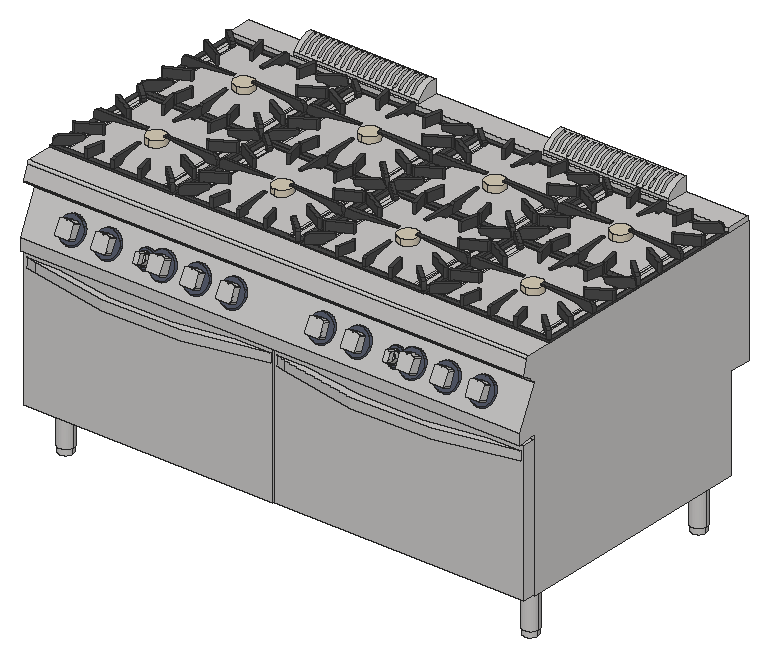
Revit family "QF_ZANUSSI_392017_Z9GCGP8SG0", category Specialty Equipment, Revit 2018 (continued)
Automatic sketch dimensions
  curve 155 to curve 153 = 9.296 mm
  curve 153 to curve 151 = 9.397 mm
  curve 151 to curve 149 = 9.296 mm
  curve 149 to curve 146 = 9.397 mm
  curve 147 to curve 148 = 9.296 mm
  plane 1 "BACK" to curve 12 = 63.911 mm
  curve 12 to plane 19 = 169.698 mm
  curve 13 to curve 14 = 9.296 mm
  curve 11 to curve 57 = 9.397 mm
  curve 57 to curve 58 = 9.296 mm
  curve 55 to curve 52 = 9.397 mm
  curve 52 to curve 52 = 9.296 mm
  curve 51 to curve 48 = 9.397 mm
  curve 48 to curve 48 = 9.296 mm
  curve 47 to curve 44 = 9.397 mm
  curve 45 to curve 46 = 9.296 mm
  curve 43 to curve 42 = 9.397 mm
  curve 40 to curve 40 = 9.296 mm
  curve 39 to curve 36 = 9.397 mm
  curve 36 to curve 36 = 9.296 mm
  curve 35 to curve 32 = 9.397 mm
  curve 33 to curve 34 = 9.296 mm
  curve 31 to curve 30 = 9.397 mm
  curve 28 to curve 28 = 9.296 mm
  curve 27 to curve 24 = 9.397 mm
  curve 24 to curve 24 = 9.296 mm
  curve 23 to curve 20 = 9.397 mm
  curve 20 to curve 20 = 9.296 mm
  curve 19 to curve 16 = 9.397 mm
  curve 17 to curve 18 = 9.296 mm
  curve 15 to curve 88 = 9.397 mm
  curve 88 to curve 87 = 9.296 mm
  curve 87 to curve 85 = 9.397 mm
  curve 84 to curve 83 = 9.296 mm
  curve 83 to curve 81 = 9.397 mm
  curve 81 to curve 79 = 9.296 mm
  curve 79 to curve 77 = 9.397 mm
  curve 77 to curve 75 = 9.296 mm
  curve 75 to curve 74 = 9.397 mm
  curve 73 to curve 71 = 9.296 mm
  curve 71 to curve 68 = 9.397 mm
  curve 69 to curve 67 = 9.296 mm
  curve 67 to curve 65 = 9.397 mm
  curve 65 to curve 66 = 9.296 mm
  curve 63 to curve 61 = 9.397 mm
  curve 61 to curve 62 = 9.296 mm
  curve 7 to plane 3 "LEFT" = 100 mm
  curve 7 to plane 1 "BACK" = 100 mm
  plane 1 "BACK" to curve 165 = 6.761 mm
  plane 1 "BACK" to curve 175 = 6.761 mm
  plane 1 "BACK" to curve 11 = 6.761 mm
  plane 1 "BACK" to curve 164 = 6.761 mm
  plane 1 "BACK" to curve 15 = 6.761 mm
  plane 1 "BACK" to curve 160 = 6.761 mm
  plane 1 "BACK" to curve 19 = 6.761 mm
  plane 1 "BACK" to curve 156 = 6.761 mm
  plane 1 "BACK" to curve 23 = 6.761 mm
  plane 1 "BACK" to curve 152 = 6.761 mm
  plane 1 "BACK" to curve 27 = 6.761 mm
  plane 1 "BACK" to curve 148 = 6.761 mm
  plane 1 "BACK" to curve 31 = 6.761 mm
  plane 1 "BACK" to curve 144 = 6.761 mm
  plane 1 "BACK" to curve 35 = 6.761 mm
  plane 1 "BACK" to curve 140 = 6.761 mm
  plane 1 "BACK" to curve 39 = 6.761 mm
  plane 1 "BACK" to curve 136 = 6.761 mm
  plane 1 "BACK" to curve 43 = 6.761 mm
  plane 1 "BACK" to curve 132 = 6.761 mm
  plane 1 "BACK" to curve 47 = 6.761 mm
  plane 1 "BACK" to curve 128 = 6.761 mm
  plane 1 "BACK" to curve 51 = 6.761 mm
  plane 1 "BACK" to curve 124 = 6.761 mm
  plane 1 "BACK" to curve 55 = 6.761 mm
  plane 1 "BACK" to curve 120 = 6.761 mm
  plane 1 "BACK" to curve 59 = 6.761 mm
  plane 1 "BACK" to curve 116 = 6.761 mm
  plane 1 "BACK" to curve 63 = 6.761 mm
  plane 1 "BACK" to curve 112 = 6.761 mm
  plane 1 "BACK" to curve 67 = 6.761 mm
  plane 1 "BACK" to curve 108 = 6.761 mm
  plane 1 "BACK" to curve 71 = 6.761 mm
  plane 1 "BACK" to curve 104 = 6.761 mm
  plane 1 "BACK" to curve 75 = 6.761 mm
  plane 1 "BACK" to curve 79 = 6.761 mm
  plane 1 "BACK" to curve 171 = 6.761 mm
  plane 1 "BACK" to curve 83 = 6.761 mm
  plane 1 "BACK" to curve 90 = 6.761 mm
  curve 87 to curve 88 = 57.15 mm
  curve 85 to curve 87 = 0 mm
  curve 81 to curve 83 = 0 mm
  curve 171 to curve 171 = 57.15 mm
  curve 77 to curve 79 = 0 mm
  curve 97 to curve 97 = 57.15 mm
  curve 73 to curve 75 = 0 mm
  curve 170 to curve 101 = 0 mm
  curve 69 to curve 71 = 0 mm
  curve 102 to curve 105 = 0 mm
  curve 65 to curve 67 = 0 mm
  curve 106 to curve 109 = 0 mm
  curve 61 to curve 63 = 0 mm
  curve 110 to curve 113 = 0 mm
  curve 57 to curve 11 = 0 mm
  curve 114 to curve 117 = 0 mm
  curve 53 to curve 55 = 0 mm
  curve 118 to curve 121 = 0 mm
  curve 49 to curve 51 = 0 mm
  curve 122 to curve 125 = 0 mm
  curve 45 to curve 47 = 0 mm
  curve 126 to curve 129 = 0 mm
  curve 41 to curve 43 = 0 mm
  curve 130 to curve 133 = 0 mm
  curve 37 to curve 39 = 0 mm
  curve 134 to curve 137 = 0 mm
  curve 33 to curve 35 = 0 mm
  curve 138 to curve 141 = 0 mm
  curve 29 to curve 31 = 0 mm
  curve 145 to curve 145 = 57.15 mm
  curve 25 to curve 27 = 0 mm
  curve 146 to curve 149 = 0 mm
  curve 21 to curve 23 = 0 mm
  curve 150 to curve 153 = 0 mm
  curve 17 to curve 19 = 0 mm
  curve 154 to curve 157 = 0 mm
  curve 158 to curve 161 = 0 mm
  curve 170 to curve 173 = 0 mm
  curve 162 to curve 165 = 0 mm
  curve 178 to curve 98 = 20.698 mm
  curve 145 to curve 177 = 14.847 mm
  plane 7 "Center Y" to curve 96 = 2 mm
  curve 2 to plane 7 "Center Y" = 2 mm
  curve 92 to curve 12 = 20.698 mm
  curve 59 to curve 91 = 14.847 mm
  curve 98 to curve 178 = 5.939 mm
  curve 12 to curve 92 = 5.939 mm
  curve 59 to curve 91 = 5.939 mm
  curve 145 to curve 177 = 5.939 mm
  Extrusion 2 sketch curve to Extrusion 1 = 0 mm  (x2)
  Extrusion 2 sketch curve to Extrusion 1 = 5.2 mm
  Extrusion 1 to Extrusion 2 sketch curve = 14.287 mm
  Extrusion 3 sketch curve to plane 16 = 0 mm
  plane 11 to Extrusion 4 sketch curve = 0 mm  (x2)
  plane 1 "BACK" to Extrusion 4 sketch curve = 0 mm
  Extrusion 4 sketch curve to plane 3 "LEFT" = 0 mm
  Extrusion 4 sketch curve to plane 4 "RIGHT" = 0 mm
  Extrusion 4 sketch curve to plane 3 "LEFT" = 100 mm
  plane 4 "RIGHT" to Extrusion 4 sketch curve = 100 mm
  Extrusion 62 sketch curve to Extrusion 62 sketch curve = 0 mm  (x6)
  Extrusion 62 sketch curve to plane 4 "RIGHT" = 10 mm
  Extrusion 62 sketch curve to plane 11 = 15 mm  (x2)
  Extrusion 62 sketch curve to plane 18 = 47.605 mm
  Extrusion 62 sketch curve to plane 18 = 344 mm
  Extrusion 62 sketch curve to plane 1 "BACK" = 337.5 mm
  Extrusion 62 sketch curve to plane 11 = 4.65 mm
  curve 376 to curve 377 = 0 mm
  curve 376 to curve 378 = 0 mm  (x2)
  curve 376 to curve 379 = 0 mm  (x2)
  curve 377 to curve 378 = 0 mm
  curve 381 to curve 382 = 0 mm  (x2)
  curve 10 to plane 3 "LEFT" = 0 mm
  curve 264 to plane 3 "LEFT" = 0 mm
  curve 375 to plane 3 "LEFT" = 0 mm
  curve 95 to plane 15 = 0 mm
  curve 372 to plane 4 "RIGHT" = 0 mm
  curve 375 to plane 4 "RIGHT" = 0 mm
  plane 11 to curve 248 = 9.356 mm
  curve 248 to plane 17 = 63.5 mm
  curve 248 to curve 249 = 0.809 mm
  curve 252 to curve 252 = 1.583 mm
  curve 249 to curve 250 = 1.846 mm
  curve 248 to curve 251 = 11.892 mm
  curve 254 to plane 11 = 9.32 mm
  curve 252 to curve 254 = 20.417 mm
  curve 253 to plane 17 = 85.631 mm
  curve 253 to curve 262 = 1.738 mm
  curve 254 to curve 255 = 2 mm
  curve 251 to curve 260 = 22.215 mm
  curve 255 to curve 263 = 19.003 mm
  curve 263 to curve 259 = 0.343 mm
  curve 259 to curve 261 = 1.071 mm
  curve 263 to curve 258 = 2.189 mm
  curve 258 to curve 257 = 0.809 mm
  plane 11 to curve 231 = 9.356 mm
  curve 257 to curve 231 = 69 mm
  curve 231 to curve 232 = 0.809 mm
  curve 235 to curve 235 = 1.583 mm
  curve 232 to curve 233 = 1.846 mm
  curve 231 to curve 234 = 11.892 mm
  curve 237 to plane 11 = 9.32 mm
  curve 235 to curve 237 = 20.417 mm
  curve 232 to curve 236 = 21.322 mm
  curve 236 to curve 245 = 1.738 mm
  curve 237 to curve 238 = 2 mm
  curve 234 to curve 243 = 22.215 mm
  curve 238 to curve 247 = 19.003 mm
  curve 242 to curve 242 = 0.343 mm
  curve 242 to curve 244 = 1.071 mm
  curve 242 to curve 241 = 2.189 mm
  curve 241 to curve 240 = 0.809 mm
  curve 274 to plane 11 = 13.85 mm
  curve 240 to curve 274 = 87.327 mm
  curve 274 to curve 275 = 19.344 mm
  curve 379 to plane 17 = 344 mm
  plane 11 to curve 180 = 9.356 mm
  curve 275 to curve 180 = 22.329 mm
  curve 181 to curve 181 = 0.809 mm
  curve 184 to curve 184 = 1.583 mm
  curve 181 to curve 182 = 1.846 mm
  curve 181 to curve 195 = 2.189 mm
  curve 180 to curve 183 = 11.892 mm
  curve 186 to plane 11 = 9.32 mm
  curve 184 to curve 186 = 20.417 mm
  curve 182 to curve 185 = 19.134 mm
  curve 185 to curve 194 = 1.738 mm
  curve 186 to curve 188 = 2 mm
  curve 183 to curve 192 = 22.215 mm
  curve 187 to curve 195 = 19.003 mm
  curve 195 to curve 191 = 0.343 mm
  curve 191 to curve 193 = 1.071 mm
  curve 195 to curve 190 = 2.189 mm
  curve 190 to curve 189 = 0.809 mm
  plane 11 to curve 214 = 9.356 mm
  curve 189 to curve 214 = 64 mm
  curve 214 to curve 215 = 0.809 mm
  curve 218 to curve 218 = 1.583 mm
  curve 215 to curve 216 = 1.846 mm
  curve 215 to curve 229 = 2.189 mm
  curve 214 to curve 217 = 11.892 mm
  curve 220 to plane 11 = 9.32 mm
  curve 218 to curve 220 = 20.417 mm
  curve 229 to curve 219 = 19.134 mm
  curve 219 to curve 228 = 1.738 mm
  curve 220 to curve 221 = 2 mm
  curve 217 to curve 226 = 22.215 mm
  curve 221 to curve 229 = 19.003 mm
  curve 229 to curve 225 = 0.343 mm
  curve 225 to curve 227 = 1.071 mm
  curve 229 to curve 224 = 2.189 mm
  curve 224 to curve 223 = 0.809 mm
  plane 11 to curve 196 = 9.356 mm
  curve 223 to curve 196 = 69 mm
  curve 196 to curve 197 = 0.809 mm
  curve 200 to curve 200 = 1.583 mm
  curve 197 to curve 198 = 1.846 mm
  curve 197 to curve 211 = 2.189 mm
  curve 196 to curve 199 = 11.892 mm
  curve 203 to plane 11 = 9.32 mm
  curve 200 to curve 203 = 20.417 mm
  curve 198 to curve 201 = 19.134 mm
  curve 201 to curve 210 = 1.738 mm
  curve 202 to curve 203 = 2 mm
  curve 199 to curve 208 = 22.215 mm
  curve 203 to curve 211 = 19.003 mm
  curve 207 to curve 207 = 0.343 mm
  curve 207 to curve 209 = 1.071 mm
  curve 207 to curve 206 = 2.189 mm
  curve 206 to curve 205 = 0.809 mm
  plane 11 to curve 344 = 9.356 mm
  plane 7 "Center Y" to curve 344 = 119.5 mm
  curve 344 to curve 345 = 0.809 mm
  curve 348 to curve 348 = 1.583 mm
  curve 345 to curve 346 = 1.846 mm
  curve 344 to curve 347 = 11.892 mm
  curve 351 to plane 11 = 9.32 mm
  curve 348 to curve 351 = 20.417 mm
  curve 345 to curve 349 = 21.322 mm
  curve 349 to curve 358 = 1.738 mm
  curve 350 to curve 351 = 2 mm
  curve 347 to curve 356 = 22.215 mm
  curve 351 to curve 359 = 19.003 mm
  curve 355 to curve 355 = 0.343 mm
  curve 355 to curve 357 = 1.071 mm
  curve 355 to curve 354 = 2.189 mm
  curve 354 to curve 353 = 0.809 mm
  plane 11 to curve 327 = 9.356 mm
  curve 353 to curve 327 = 69 mm
  curve 327 to curve 328 = 0.809 mm
  curve 331 to curve 331 = 1.583 mm
  curve 382 to curve 329 = 2.654 mm
  curve 327 to curve 330 = 11.892 mm
  curve 334 to plane 11 = 9.32 mm
  curve 331 to curve 334 = 20.417 mm
  curve 328 to curve 332 = 21.322 mm
  curve 332 to curve 341 = 1.738 mm
  curve 333 to curve 335 = 2 mm
  curve 330 to curve 339 = 22.215 mm
  curve 334 to curve 343 = 19.003 mm
  curve 343 to curve 338 = 0.343 mm
  curve 338 to curve 340 = 1.071 mm
  curve 343 to curve 337 = 2.189 mm
  curve 337 to curve 336 = 0.809 mm
  curve 370 to plane 11 = 13.85 mm
  curve 336 to curve 370 = 87.327 mm
  curve 370 to curve 371 = 19.344 mm
  curve 380 to plane 18 = 344 mm
  plane 11 to curve 276 = 9.356 mm
  curve 371 to curve 276 = 22.329 mm
  curve 277 to curve 277 = 0.809 mm
  curve 280 to curve 280 = 1.583 mm
  curve 277 to curve 278 = 1.846 mm
  curve 277 to curve 291 = 2.189 mm
  curve 276 to curve 279 = 11.892 mm
  curve 380 to curve 382 = 23 mm
  curve 282 to plane 11 = 9.32 mm
  curve 280 to curve 282 = 20.417 mm
  curve 291 to curve 281 = 19.134 mm
  curve 281 to curve 290 = 1.738 mm
  curve 282 to curve 284 = 2 mm
  curve 279 to curve 288 = 22.215 mm
  curve 283 to curve 291 = 19.003 mm
  curve 287 to curve 287 = 0.343 mm
  curve 287 to curve 289 = 1.071 mm
  curve 287 to curve 286 = 2.189 mm
  curve 286 to curve 285 = 0.809 mm
  plane 11 to curve 310 = 9.356 mm
  curve 285 to curve 310 = 64 mm
  curve 311 to curve 311 = 0.809 mm
  curve 314 to curve 314 = 1.583 mm
  curve 311 to curve 312 = 1.846 mm
  curve 311 to curve 325 = 2.189 mm
  curve 310 to curve 313 = 11.892 mm
  curve 316 to plane 11 = 9.32 mm
  curve 314 to curve 316 = 20.417 mm
  curve 325 to curve 315 = 19.134 mm
  curve 315 to curve 324 = 1.738 mm
  curve 316 to curve 317 = 2 mm
  curve 313 to curve 322 = 22.215 mm
  curve 317 to curve 325 = 19.003 mm
  curve 321 to curve 321 = 0.343 mm
  curve 321 to curve 323 = 1.071 mm
  curve 321 to curve 320 = 2.189 mm
  curve 320 to curve 319 = 0.809 mm
  plane 11 to curve 292 = 9.356 mm
  curve 319 to curve 292 = 69 mm
  curve 292 to curve 293 = 0.809 mm
  curve 296 to curve 296 = 1.583 mm
  curve 293 to curve 294 = 1.846 mm
  curve 293 to curve 307 = 2.189 mm
  curve 292 to curve 295 = 11.892 mm
  curve 299 to plane 11 = 9.32 mm
  curve 296 to curve 299 = 20.417 mm
  curve 297 to plane 18 = 87.369 mm
  curve 297 to curve 306 = 1.738 mm
  curve 298 to curve 299 = 2 mm
  curve 295 to curve 304 = 22.215 mm
  curve 299 to curve 307 = 19.003 mm
  curve 303 to curve 303 = 0.343 mm
  curve 303 to curve 305 = 1.071 mm
  curve 303 to curve 302 = 2.189 mm
  curve 302 to curve 301 = 0.809 mm
  curve 297 to curve 293 = 88.173 mm
  curve 297 to curve 306 = 0 mm
  curve 332 to curve 328 = 88.173 mm
  curve 324 to curve 311 = 88.173 mm
  curve 281 to curve 277 = 88.173 mm
  curve 194 to curve 181 = 88.173 mm
  curve 228 to curve 215 = 88.173 mm
  curve 332 to curve 341 = 0 mm
  curve 253 to curve 249 = 88.173 mm
  curve 236 to curve 232 = 88.173 mm
  curve 236 to curve 245 = 0 mm
  curve 201 to curve 197 = 88.173 mm
  curve 358 to curve 345 = 88.173 mm
  curve 281 to curve 290 = 0 mm
  curve 219 to curve 228 = 0 mm
  curve 315 to curve 324 = 0 mm
  curve 349 to curve 358 = 0 mm
  curve 253 to curve 262 = 0 mm
  curve 185 to curve 194 = 0 mm
  curve 201 to curve 210 = 0 mm
  plane 11 to curve 343 = 10.689 mm
  curve 291 to curve 277 = 1.333 mm
  curve 211 to curve 197 = 1.333 mm
  plane 11 to curve 263 = 10.689 mm
  plane 11 to curve 229 = 10.689 mm
  plane 11 to curve 247 = 10.689 mm
  plane 11 to curve 307 = 10.689 mm
  curve 195 to curve 181 = 1.333 mm
  plane 11 to curve 359 = 10.689 mm
  plane 11 to curve 325 = 10.689 mm
  curve 287 to curve 286 = 1.333 mm
  curve 343 to curve 337 = 1.333 mm
  curve 207 to curve 206 = 1.333 mm
  curve 303 to curve 301 = 1.333 mm
  curve 242 to curve 241 = 1.333 mm
  curve 229 to curve 223 = 1.333 mm
  curve 355 to curve 354 = 1.333 mm
  curve 195 to curve 190 = 1.333 mm
  curve 321 to curve 319 = 1.333 mm
  curve 263 to curve 258 = 1.333 mm
  curve 354 to curve 355 = 2.779 mm
  curve 277 to curve 278 = 2.779 mm
  curve 337 to curve 338 = 2.779 mm
  curve 241 to curve 242 = 2.779 mm
  curve 215 to curve 216 = 2.779 mm
  curve 286 to curve 287 = 2.779 mm
  curve 345 to curve 346 = 2.779 mm
  curve 206 to curve 207 = 2.779 mm
  curve 224 to curve 225 = 2.779 mm
  curve 302 to curve 303 = 2.779 mm
  curve 197 to curve 198 = 2.779 mm
  curve 190 to curve 191 = 2.779 mm
  curve 311 to curve 312 = 2.779 mm
  curve 249 to curve 250 = 2.779 mm
  curve 232 to curve 233 = 2.779 mm
  curve 320 to curve 321 = 2.779 mm
  curve 328 to curve 329 = 2.779 mm
  curve 181 to curve 182 = 2.779 mm
  curve 293 to curve 294 = 2.779 mm
  curve 258 to curve 259 = 2.779 mm
  curve 184 to plane 11 = 7.885 mm
  curve 348 to plane 11 = 7.885 mm
  curve 261 to plane 11 = 7.885 mm
  curve 357 to plane 11 = 7.885 mm
  curve 218 to plane 11 = 7.885 mm
  curve 289 to plane 11 = 7.885 mm
  curve 252 to plane 11 = 7.885 mm
  curve 209 to plane 11 = 7.885 mm
  curve 235 to plane 11 = 7.885 mm
  curve 296 to plane 11 = 7.885 mm
  curve 305 to plane 11 = 7.885 mm
  curve 280 to plane 11 = 7.885 mm
  curve 314 to plane 11 = 7.885 mm
  curve 331 to plane 11 = 7.885 mm
  curve 244 to plane 11 = 7.885 mm
  curve 227 to plane 11 = 7.885 mm
  curve 193 to plane 11 = 7.885 mm
  curve 323 to plane 11 = 7.885 mm
  curve 200 to plane 11 = 7.885 mm
  curve 340 to plane 11 = 7.885 mm
  curve 371 to plane 11 = 13.85 mm
  curve 275 to plane 11 = 13.85 mm
  curve 203 to curve 208 = 41.91 mm
  curve 220 to curve 217 = 41.91 mm
  curve 351 to curve 356 = 41.91 mm
  curve 217 to curve 226 = 0 mm
  curve 237 to curve 234 = 41.91 mm
  curve 234 to curve 243 = 0 mm
  curve 199 to curve 208 = 0 mm
  curve 347 to curve 356 = 0 mm
  curve 254 to curve 251 = 41.91 mm
  curve 251 to curve 260 = 0 mm
  curve 282 to curve 279 = 41.91 mm
  curve 334 to curve 339 = 41.91 mm
  curve 317 to curve 322 = 41.91 mm
  curve 187 to curve 192 = 41.91 mm
  curve 279 to curve 288 = 0 mm
  curve 183 to curve 192 = 0 mm
  curve 298 to curve 295 = 41.91 mm
  curve 295 to curve 304 = 0 mm
  curve 313 to curve 322 = 0 mm
  curve 330 to curve 339 = 0 mm
  curve 381 to plane 1 "BACK" = 337.5 mm
  curve 376 to plane 1 "BACK" = 337.5 mm
  curve 380 to curve 381 = 0 mm
  plane 11 to curve 376 = 0.009 mm
  curve 376 to plane 17 = 5.287 mm
  curve 251 to curve 248 = 9.809 mm
  curve 249 to curve 249 = 0.277 mm
  curve 252 to curve 252 = 0.284 mm
  curve 261 to curve 261 = 0.284 mm
  curve 257 to curve 260 = 9.809 mm
  plane 11 to curve 377 = 0.009 mm
  curve 373 to curve 377 = 9.831 mm
  curve 93 to plane 13 = 58.15 mm
  curve 93 to plane 17 = 144 mm
  curve 234 to curve 231 = 9.809 mm
  curve 232 to curve 232 = 0.277 mm
  curve 235 to curve 235 = 0.284 mm
  curve 233 to curve 378 = 8.85 mm
  curve 244 to curve 244 = 0.284 mm
  curve 240 to curve 243 = 9.809 mm
  curve 274 to curve 274 = 1.229 mm
  curve 274 to curve 274 = 0.445 mm
  plane 11 to curve 246 = 0.139 mm
  curve 246 to curve 274 = 0 mm
  curve 275 to curve 275 = 1.675 mm
  plane 11 to curve 212 = 0.139 mm
  curve 212 to curve 275 = 0 mm
  curve 275 to curve 275 = 0.445 mm
  curve 183 to curve 180 = 9.809 mm
  curve 185 to curve 184 = 0.284 mm
  curve 193 to curve 193 = 0.284 mm
  curve 189 to curve 192 = 9.809 mm
  curve 217 to curve 214 = 9.809 mm
  curve 219 to curve 218 = 0.284 mm
  curve 227 to curve 228 = 0.284 mm
  curve 223 to curve 226 = 9.809 mm
  curve 93 to plane 19 = 149 mm
  plane 11 to curve 379 = 0.139 mm
  curve 379 to curve 230 = 10.552 mm
  curve 199 to curve 196 = 9.809 mm
  curve 201 to curve 200 = 0.284 mm
  curve 209 to curve 209 = 0.284 mm
  plane 11 to curve 360 = 0.009 mm
  curve 207 to curve 360 = 3.654 mm
  curve 205 to curve 208 = 9.809 mm
  curve 95 to plane 7 "Center Y" = 3.15 mm
  plane 7 "Center Y" to curve 94 = 2.5 mm
  curve 380 to curve 360 = 58.213 mm
  curve 347 to curve 344 = 9.809 mm
  curve 345 to curve 345 = 0.277 mm
  curve 348 to curve 348 = 0.284 mm
  curve 357 to curve 357 = 0.284 mm
  curve 353 to curve 356 = 9.809 mm
  plane 11 to curve 382 = 0.139 mm
  curve 356 to curve 382 = 23.742 mm
  curve 179 to plane 13 = 58.15 mm
  plane 7 "Center Y" to curve 179 = 200 mm
  curve 330 to curve 327 = 9.809 mm
  curve 328 to curve 328 = 0.277 mm
  curve 332 to curve 331 = 0.284 mm
  curve 381 to curve 338 = 8.155 mm
  curve 340 to curve 340 = 0.284 mm
  curve 336 to curve 339 = 9.809 mm
  curve 370 to curve 370 = 1.229 mm
  curve 370 to curve 370 = 0.445 mm
  plane 11 to curve 342 = 0.139 mm
  curve 342 to curve 370 = 0 mm
  curve 371 to curve 371 = 1.675 mm
  plane 11 to curve 308 = 0.139 mm
  curve 308 to curve 371 = 0 mm
  curve 371 to curve 371 = 0.445 mm
  curve 279 to curve 276 = 9.809 mm
  curve 10 to plane 13 = 51.8 mm
  curve 179 to curve 10 = 200 mm
  curve 280 to curve 280 = 0.284 mm
  curve 289 to curve 289 = 0.284 mm
  curve 285 to curve 288 = 9.809 mm
  curve 313 to curve 310 = 9.809 mm
  curve 314 to curve 314 = 0.284 mm
  curve 323 to curve 323 = 0.284 mm
  curve 319 to curve 322 = 9.809 mm
  curve 179 to plane 18 = 144 mm
  curve 295 to curve 292 = 9.809 mm
  curve 296 to curve 296 = 0.284 mm
  plane 11 to curve 372 = 0.139 mm
  curve 372 to curve 298 = 1.5 mm
  curve 305 to curve 306 = 0.284 mm
  curve 301 to curve 304 = 9.809 mm
  plane 11 to curve 380 = 0.009 mm
  curve 94 to plane 15 = 1.951 mm
  plane 11 to curve 94 = 1.951 mm
  plane 11 to curve 213 = 0.139 mm
  plane 11 to curve 326 = 0.139 mm
  plane 11 to curve 309 = 0.139 mm
  plane 11 to curve 374 = 0.009 mm
  curve 200 to curve 200 = 0.567 mm
  curve 227 to curve 227 = 0.567 mm
  curve 235 to curve 235 = 0.567 mm
  curve 340 to curve 340 = 0.567 mm
  curve 280 to curve 280 = 0.567 mm
  curve 296 to curve 296 = 0.567 mm
  curve 305 to curve 305 = 0.567 mm
  curve 314 to curve 314 = 0.567 mm
  curve 348 to curve 348 = 0.567 mm
  curve 209 to curve 209 = 0.567 mm
  curve 289 to curve 289 = 0.567 mm
  curve 193 to curve 193 = 0.567 mm
  curve 244 to curve 244 = 0.567 mm
  curve 323 to curve 323 = 0.567 mm
  curve 218 to curve 218 = 0.567 mm
  curve 184 to curve 184 = 0.567 mm
  curve 252 to curve 252 = 0.567 mm
  curve 261 to curve 261 = 0.567 mm
  curve 357 to curve 357 = 0.567 mm
  curve 331 to curve 331 = 0.567 mm
  curve 315 to curve 313 = 1.156 mm
  radius of Extrusion 5 sketch curve = 12.7 mm
  radius of Extrusion 15 sketch curve = 20 mm
  radius of Split face 1 sketch curve = 1 mm
  radius of Split face 2 sketch curve = 1 mm
  radius of Split face 3 sketch curve = 1 mm
  radius of Split face 4 sketch curve = 1 mm
  radius of Split face 5 sketch curve = 1 mm
  radius of Split face 6 sketch curve = 1 mm
  radius of Split face 7 sketch curve = 1 mm
  radius of Split face 8 sketch curve = 1 mm
  radius of Split face 9 sketch curve = 1 mm
  radius of Split face 10 sketch curve = 1 mm
  radius of Split face 11 sketch curve = 1 mm
  radius of Split face 12 sketch curve = 1 mm
  radius of Split face 13 sketch curve = 1 mm
  radius of Split face 14 sketch curve = 1 mm
  radius of Split face 15 sketch curve = 1 mm
  radius of Split face 16 sketch curve = 1 mm
  radius of Split face 17 sketch curve = 1 mm
  radius of Split face 18 sketch curve = 1 mm
  radius of Split face 19 sketch curve = 1 mm
  radius of Split face 20 sketch curve = 1 mm
  radius of Split face 21 sketch curve = 1 mm
  radius of Split face 22 sketch curve = 1 mm
  radius of Split face 23 sketch curve = 1 mm
  radius of Split face 24 sketch curve = 1 mm
  radius of Split face 25 sketch curve = 1.508 mm
  radius of Split face 26 sketch curve = 1.343 mm
  radius of Blend 18 sketch curve = 42.5 mm
  radius of Blend 18 sketch curve = 40.5 mm
  radius of Split face 28 sketch curve = 3 mm
  radius of Blend 24 sketch curve = 42.5 mm
  radius of Blend 24 sketch curve = 40.5 mm
  radius of Split face 37 sketch curve = 1.5 mm
  radius of Split face 38 sketch curve = 2.029 mm
  radius of Split face 39 sketch curve = 2.031 mm
  radius of Split face 40 sketch curve = 3.497 mm
  radius of Split face 41 sketch curve = 3.497 mm
  radius of Split face 42 sketch curve = 3 mm
  radius of Split face 43 sketch curve = 1.5 mm
  radius of Extrusion 26 sketch curve = 16 mm
  radius of Blend 28 sketch curve = 42.5 mm
  radius of Blend 28 sketch curve = 40.5 mm
  radius of Split face 44 sketch curve = 3 mm
  radius of Blend 34 sketch curve = 42.5 mm
  radius of Blend 34 sketch curve = 40.5 mm
  radius of Split face 53 sketch curve = 1.5 mm
  radius of Split face 54 sketch curve = 2.029 mm
  radius of Split face 55 sketch curve = 2.031 mm
  radius of Split face 56 sketch curve = 3.497 mm
  radius of Split face 57 sketch curve = 3.497 mm
  radius of Split face 58 sketch curve = 3 mm
  radius of Split face 59 sketch curve = 1.5 mm
  radius of Extrusion 37 sketch curve = 20 mm
  radius of Split face 60 sketch curve = 1 mm
  radius of Split face 61 sketch curve = 1 mm
  radius of Split face 62 sketch curve = 1 mm
  radius of Split face 63 sketch curve = 1 mm
  radius of Split face 64 sketch curve = 1 mm
  radius of Split face 65 sketch curve = 1 mm
  radius of Split face 66 sketch curve = 1 mm
  radius of Split face 67 sketch curve = 1 mm
  radius of Split face 68 sketch curve = 1 mm
  radius of Split face 69 sketch curve = 1 mm
  radius of Split face 70 sketch curve = 1 mm
  radius of Split face 71 sketch curve = 1 mm
  radius of Split face 72 sketch curve = 1 mm
  radius of Split face 73 sketch curve = 1 mm
  radius of Split face 74 sketch curve = 1 mm
  radius of Split face 75 sketch curve = 1 mm
  radius of Split face 76 sketch curve = 1 mm
  radius of Split face 77 sketch curve = 1 mm
  radius of Split face 78 sketch curve = 1 mm
  radius of Split face 79 sketch curve = 1 mm
  radius of Split face 80 sketch curve = 1 mm
  radius of Split face 81 sketch curve = 1 mm
  radius of Split face 82 sketch curve = 1 mm
  radius of Split face 83 sketch curve = 1 mm
  radius of Split face 84 sketch curve = 1.508 mm
  radius of Split face 85 sketch curve = 1.343 mm
  radius of Blend 40 sketch curve = 42.5 mm
  radius of Blend 40 sketch curve = 40.5 mm
  radius of Split face 87 sketch curve = 3 mm
  radius of Blend 46 sketch curve = 42.5 mm
  radius of Blend 46 sketch curve = 40.5 mm
  radius of Split face 96 sketch curve = 1.5 mm
  radius of Split face 97 sketch curve = 2.029 mm
  radius of Split face 98 sketch curve = 2.031 mm
  radius of Split face 99 sketch curve = 3.497 mm
  radius of Split face 100 sketch curve = 3.497 mm
  radius of Split face 101 sketch curve = 3 mm
  radius of Split face 102 sketch curve = 1.5 mm
  radius of Extrusion 48 sketch curve = 16 mm
  radius of Blend 50 sketch curve = 42.5 mm
  radius of Blend 50 sketch curve = 40.5 mm
  radius of Split face 103 sketch curve = 3 mm
  radius of Blend 56 sketch curve = 42.5 mm
  radius of Blend 56 sketch curve = 40.5 mm
  radius of Split face 112 sketch curve = 1.5 mm
  radius of Split face 113 sketch curve = 2.029 mm
  radius of Split face 114 sketch curve = 2.031 mm
  radius of Split face 115 sketch curve = 3.497 mm
  radius of Split face 116 sketch curve = 3.497 mm
  radius of Split face 117 sketch curve = 3 mm
  radius of Split face 118 sketch curve = 1.5 mm
  radius of Extrusion 58 sketch curve = 6.4 mm
  radius of Extrusion 3 sketch curve = 6.4 mm  (x2)
Nested families
  nested 1: "QF_392017_BURNER" at (0, -440.6, 0), type "QF_392017_BURNER"
    with Type Mark "", Status "", Specification by User "", Revision Code "", Item Number "", Installed By "", Identify Quantity as Lot yes, Furnished By "", Foodservice Equipment Identifier yes
  nested 2: "QF_392017_BURNER" at (403.15, -440.6, 0), type "QF_392017_BURNER"
    with Type Mark "", Status "", Specification by User "", Revision Code "", Item Number "", Installed By "", Identify Quantity as Lot yes, Furnished By "", Foodservice Equipment Identifier yes
  nested 3: "QF_392017_BURNER" at (1198.75, -440.6, 0) x (-1, 0, 0) z (0, 0, 1), type "QF_392017_BURNER"
    with Type Mark "", Status "", Specification by User "", Revision Code "", Item Number "", Installed By "", Identify Quantity as Lot yes, Furnished By "", Foodservice Equipment Identifier yes
  nested 4: "QF_392017_BURNER" at (0, -440.6, 0), type "QF_392017_BURNER"
    with Type Mark "", Status "", Specification by User "", Revision Code "", Item Number "", Installed By "", Identify Quantity as Lot yes, Furnished By "", Foodservice Equipment Identifier yes
  nested 5: "QF_392017_BURNER" at (403.15, -440.6, 0), type "QF_392017_BURNER"
    with Type Mark "", Status "", Specification by User "", Revision Code "", Item Number "", Installed By "", Identify Quantity as Lot yes, Furnished By "", Foodservice Equipment Identifier yes
  nested 6: "QF_392017_BURNER" at (1198.75, -440.6, 0) x (-1, 0, 0) z (0, 0, 1), type "QF_392017_BURNER"
    with Type Mark "", Status "", Specification by User "", Revision Code "", Item Number "", Installed By "", Identify Quantity as Lot yes, Furnished By "", Foodservice Equipment Identifier yes
  nested 7: "QF_392017_BURNER" at (1600, -440.6, 0) x (-1, 0, 0) z (0, 0, 1), type "QF_392017_BURNER"
    with Type Mark "", Status "", Specification by User "", Revision Code "", Item Number "", Installed By "", Identify Quantity as Lot yes, Furnished By "", Foodservice Equipment Identifier yes
  nested 8: "QF_392017_BURNER" at (1600, -440.6, 0) x (-1, 0, 0) z (0, 0, 1), type "QF_392017_BURNER"
    with Type Mark "", Status "", Specification by User "", Revision Code "", Item Number "", Installed By "", Identify Quantity as Lot yes, Furnished By "", Foodservice Equipment Identifier yes
Connectors
  piping at (1549, -665, 128), diameter 12.8
    settings: on Extrusion 3, index 2, connector inside diameter 0.50394", connector length 0 mm, flow factor 0, pipe flow 0 GPM, pressure drop 0.00 psi, fitting loss kfactor 0, connector angle 0.00°, fixture units 0, engagement length 0 mm, angle of deflection 0.00°, flow configuration 1, flow direction 1, fitting loss method 0, system type 7, joint type 0, gender type 0, connector reference index -1, connector utility 0, adjustable connector no, is connector primary yes, connector description "GAS CONNECTION"
  piping at (749, -665, 128), diameter 12.8
    settings: on Extrusion 3, index 3, connector inside diameter 0.50394", connector length 0 mm, flow factor 0, pipe flow 0 GPM, pressure drop 0.00 psi, fitting loss kfactor 0, connector angle 0.00°, fixture units 0, engagement length 0 mm, angle of deflection 0.00°, flow configuration 1, flow direction 1, fitting loss method 0, system type 7, joint type 0, gender type 0, connector reference index -1, connector utility 0, adjustable connector no, is connector primary no, connector description "GAS CONNECTION"
Definition of nested family "QF_392017_BURNER"
  Parameters
    Weight in Pounds = 0
    URL Cutsheet = ""
    URL = "www.electrolux.com"
    Type Mark [instance] = ""
    Status [instance] = ""
    Specification by User [instance] = ""
    Specification by Manufacturer = ""
    Show Clearance [instance] = yes
    Serial Number = ""
    Seismic Rating = ""
    SMACNA No = ""
    Revision Code [instance] = ""
    Omniclass Number and Title = ""
    NAFEM Spec ID Number = ""
    Model = "371009"
    Masterspec = ""
    Manufacturer = "ELECTROLUX"
    Item Number [instance] = ""
    Installed By [instance] = ""
    Identify Quantity as Lot [instance] = yes
    Furnished By [instance] = ""
    Foodservice Equipment Identifier [instance] = yes
    Description = ""
    CSI MasterFormat = ""
    CSI Master Format = ""
  Reference planes
    plane 1 "BACK": y = 0
    plane 2: z = 0
    plane 3 "LEFT": x = 0
    plane 4 "RIGHT": x = 393.7
    plane 5 "FRONT": y = -355.6
    plane 6 "TOP": z = 908.85
    plane 7 "Center Y": x = 196.85
    plane 8 "Center X": y = -177.8
    plane 9 "Base": z = 150
    plane 10: z = 850.85
  Forms (mm)
    Extrusion 1, solid
      sketch origin (-6.433, -404.961, 5) x (1, 0, 0) y (0, 0, -1)
        loop
          arc (7.142, -850.85) -> (6.739, -862.989) -> (9.761, -874.752) r 42.809
          line (9.761, -874.752) -> (19.961, -879.425) -> (173.122, -879.425)
          arc (173.122, -879.425) -> (174.316, -878.312) -> (173.289, -877.043) r 1.197
          line (173.289, -877.043) -> (64.848, -864.021)
          arc (64.848, -864.021) -> (50.111, -858.738) -> (36.589, -850.85) r 85.245
          line (36.589, -850.85) -> (7.142, -850.85)
        loop
          line (399.424, -850.85) -> (369.977, -850.85)
          arc (369.977, -850.85) -> (356.455, -858.738) -> (341.718, -864.021) r 85.245
          line (341.718, -864.021) -> (233.277, -877.043)
          arc (233.277, -877.043) -> (232.25, -878.312) -> (233.444, -879.425) r 1.197
          line (233.444, -879.425) -> (386.605, -879.425) -> (396.806, -874.752)
          arc (396.806, -874.752) -> (399.827, -862.989) -> (399.424, -850.85) r 42.809
      from 224.564 to 234.564
    Extrusion 2, solid
      sketch origin (196.85, 175.397, 1219.2) x (0, 1, 0) y (0, 0, 1)
        loop
          line (-204.463, -363.35) -> (-175.397, -363.35) -> (-175.397, -339.506)
          arc (-175.397, -339.506) -> (-181.025, -338.266) -> (-185.611, -334.775) r 13.39
          line (-185.611, -334.775) -> (-278.903, -334.775)
          arc (-278.903, -334.775) -> (-280.097, -335.888) -> (-279.07, -337.157) r 1.197
          line (-279.07, -337.157) -> (-227.151, -347.464)
          arc (-227.151, -347.464) -> (-213.741, -352.457) -> (-204.463, -363.35) r 28.426
        loop
          arc (-496.332, -363.35) -> (-487.053, -352.457) -> (-473.644, -347.464) r 28.426
          line (-473.644, -347.464) -> (-421.725, -337.157)
          arc (-421.725, -337.157) -> (-420.697, -335.888) -> (-421.891, -334.775) r 1.197
          line (-421.891, -334.775) -> (-515.184, -334.775)
          arc (-515.184, -334.775) -> (-519.769, -338.266) -> (-525.397, -339.506) r 13.39
          line (-525.397, -339.506) -> (-525.397, -363.35) -> (-496.332, -363.35)
      from -5 to 5
    Extrusion 3, solid
      sketch origin (-6.433, 367.064, 850.85) x (0, -1, 0) y (1, 0, 0)
        loop
          line (722.664, 6.433) -> (722.664, 400.133) -> (367.064, 400.133) -> (367.064, 6.433) -> (722.664, 6.433)
        loop
          line (382.064, 21.433) -> (707.664, 21.433) -> (707.664, 385.133) -> (382.064, 385.133) -> (382.064, 21.433)
      from 0 to 5
    Extrusion 4, solid
      sketch origin (-18.933, 367.064, 855.85) x (0, -1, 0) y (1, 0, 0)
        loop
          circle (541.667, 215.783) r 30
      from -1.321 to 17.134
    Extrusion 5, solid
      sketch origin (-6.433, -367.064, 0) x (1, 0, 0) y (0, 0, -1)
        loop
          line (21.433, -855.85) -> (36.589, -855.85)
          arc (36.589, -855.85) -> (40.561, -855.243) -> (44.305, -853.783) r 18.259
          arc (44.305, -853.783) -> (45.997, -853.366) -> (47.69, -853.783) r 3.649
          arc (47.69, -853.783) -> (49.901, -854.522) -> (52.232, -854.529) r 7.328
          line (52.232, -854.529) -> (354.334, -854.529)
          arc (354.334, -854.529) -> (356.666, -854.522) -> (358.877, -853.783) r 7.328
          arc (358.877, -853.783) -> (360.569, -853.366) -> (362.261, -853.783) r 3.649
          arc (362.261, -853.783) -> (366.005, -855.243) -> (369.977, -855.85) r 18.259
          line (369.977, -855.85) -> (385.133, -855.85) -> (385.133, -850.85) -> (21.433, -850.85) -> (21.433, -855.85)
      from 26.464 to 352.064
    Extrusion 6, solid
      sketch origin (83.284, -458.334, 5) x (0.742103, 0.670286, 0) y (0, 0, -1)
        loop
          arc (88.629, -864.012) -> (73.909, -858.731) -> (60.402, -850.85) r 85.245
          line (60.402, -850.85) -> (14.993, -850.85)
          arc (14.993, -850.85) -> (14.642, -862.948) -> (17.686, -874.663) r 42.876
          line (17.686, -874.663) -> (27.899, -879.425) -> (89.664, -879.425)
          arc (89.664, -879.425) -> (92.39, -878.352) -> (93.654, -875.709) r 4
          arc (93.654, -875.709) -> (92.562, -869.25) -> (88.629, -864.012) r 13.87
        loop
          arc (457.638, -864.012) -> (453.704, -869.25) -> (452.613, -875.709) r 13.87
          arc (452.613, -875.709) -> (453.876, -878.352) -> (456.603, -879.425) r 4
          line (456.603, -879.425) -> (518.367, -879.425) -> (528.581, -874.663)
          arc (528.581, -874.663) -> (531.624, -862.948) -> (531.273, -850.85) r 42.876
          line (531.273, -850.85) -> (485.865, -850.85)
          arc (485.865, -850.85) -> (472.357, -858.731) -> (457.638, -864.012) r 85.245
      from 127.064 to 137.064
    Extrusion 7, solid
      sketch origin (310.416, -458.334, 5) x (-0.742103, 0.670286, 0) y (0, 0, 1)
        loop
          arc (88.629, 864.012) -> (92.562, 869.25) -> (93.654, 875.709) r 13.87
          arc (93.654, 875.709) -> (92.39, 878.352) -> (89.664, 879.425) r 4
          line (89.664, 879.425) -> (27.899, 879.425) -> (17.686, 874.663)
          arc (17.686, 874.663) -> (14.642, 862.948) -> (14.993, 850.85) r 42.876
          line (14.993, 850.85) -> (60.402, 850.85)
          arc (60.402, 850.85) -> (73.909, 858.731) -> (88.629, 864.012) r 85.245
        loop
          arc (457.638, 864.012) -> (472.357, 858.731) -> (485.865, 850.85) r 85.245
          line (485.865, 850.85) -> (531.273, 850.85)
          arc (531.273, 850.85) -> (531.624, 862.948) -> (528.581, 874.663) r 42.876
          line (528.581, 874.663) -> (518.367, 879.425) -> (456.603, 879.425)
          arc (456.603, 879.425) -> (453.876, 878.352) -> (452.613, 875.709) r 4
          arc (452.613, 875.709) -> (453.704, 869.25) -> (457.638, 864.012) r 13.87
      from 127.064 to 137.064
    Extrusion 8, solid
      sketch origin (-6.433, 367.064, 855.85) x (0, -1, 0) y (1, 0, 0)
        loop
          arc (626.166, 9.428) -> (632.956, 7.454) -> (634.93, 14.244) r 5
          line (634.93, 14.244) -> (600.514, 76.878)
          arc (600.514, 76.878) -> (593.724, 78.852) -> (591.75, 72.062) r 5
          line (591.75, 72.062) -> (626.166, 9.428)
        loop
          line (463.562, 9.428) -> (497.977, 72.062)
          arc (497.977, 72.062) -> (496.003, 78.852) -> (489.213, 76.878) r 5
          line (489.213, 76.878) -> (454.798, 14.244)
          arc (454.798, 14.244) -> (456.772, 7.454) -> (463.562, 9.428) r 5
        loop
          line (626.166, 397.138) -> (591.75, 334.504)
          arc (591.75, 334.504) -> (593.724, 327.714) -> (600.514, 329.689) r 5
          line (600.514, 329.689) -> (634.93, 392.323)
          arc (634.93, 392.323) -> (632.956, 399.113) -> (626.166, 397.138) r 5
        loop
          arc (463.562, 397.138) -> (456.772, 399.113) -> (454.798, 392.323) r 5
          line (454.798, 392.323) -> (489.213, 329.689)
          arc (489.213, 329.689) -> (496.003, 327.714) -> (497.977, 334.504) r 5
          line (497.977, 334.504) -> (463.562, 397.138)
        loop
          line (715.14, 293.499) -> (666.703, 282.317)
          arc (666.703, 282.317) -> (662.956, 276.32) -> (668.953, 272.573) r 5
          line (668.953, 272.573) -> (717.389, 283.756)
          arc (717.389, 283.756) -> (721.136, 289.752) -> (715.14, 293.499) r 5
        loop
          arc (715.14, 113.067) -> (721.136, 116.814) -> (717.389, 122.811) r 5
          line (717.389, 122.811) -> (668.953, 133.993)
          arc (668.953, 133.993) -> (662.956, 130.246) -> (666.703, 124.249) r 5
          line (666.703, 124.249) -> (715.14, 113.067)
        loop
          arc (374.588, 293.499) -> (368.591, 289.752) -> (372.338, 283.756) r 5
          line (372.338, 283.756) -> (420.775, 272.573)
          arc (420.775, 272.573) -> (426.771, 276.32) -> (423.024, 282.317) r 5
          line (423.024, 282.317) -> (374.588, 293.499)
        loop
          line (374.588, 113.067) -> (423.024, 124.249)
          arc (423.024, 124.249) -> (426.771, 130.246) -> (420.775, 133.993) r 5
          line (420.775, 133.993) -> (372.338, 122.811)
          arc (372.338, 122.811) -> (368.591, 116.814) -> (374.588, 113.067) r 5
      from 0 to 28.575
  Lines and regions (mm)
    symbolic lines
      curve 1: line (0, -355.6, 150) -> (393.7, -355.6, 150)
      curve 2: line (0, 0, 150) -> (0, -355.6, 150)
      curve 3: line (393.7, -355.6, 150) -> (393.7, 0, 150)
      curve 4: line (369.633, -15, 150) -> (285.34, -15, 150)
      curve 5: line (24.067, -340.6, 150) -> (108.36, -340.6, 150)
      curve 6: line (157.475, -170.397, 150) -> (157.475, -15, 150)
      curve 7: line (236.225, -170.397, 150) -> (236.225, -15, 150)
      curve 8: line (201.85, -350, 150) -> (201.85, -176.674, 150)
      curve 9: line (0, -180.397, 150) -> (167.224, -180.397, 150)
      curve 10: line (393.7, -170.397, 150) -> (228.275, -170.397, 150)
      curve 11: line (15, -180.397, 150) -> (15, -252.506, 150)
      curve 12: line (45.799, -340.6, 150) -> (45.799, -320.971, 150)
      curve 13: line (167.224, -170.397, 150) -> (0, -170.397, 150)
      curve 14: line (228.275, -180.504, 150) -> (393.7, -180.504, 150)
      curve 15: arc (228.275, -170.397, 150) -> (223.221, -175.45, 150) -> (228.275, -180.504, 150) r 5.054
      curve 16: arc (167.224, -170.397, 150) -> (172.224, -175.397, 150) -> (167.224, -180.397, 150) r 5
      curve 17: line (191.85, -176.674, 150) -> (191.85, -350, 150)
      curve 18: line (201.85, -134.556, 150) -> (201.85, -0.794, 150)
      curve 19: arc (201.85, -176.674, 150) -> (196.85, -171.674, 150) -> (191.85, -176.674, 150) r 5
      curve 20: arc (201.85, -134.556, 150) -> (196.85, -139.556, 150) -> (191.85, -134.556, 150) r 5
      curve 21: line (191.85, -15, 150) -> (118.623, -15, 150)
      curve 22: arc (201.85, -29.042, 150) -> (213.272, -50.008, 150) -> (201.85, -70.973, 150) r 24.953
      curve 23: arc (213.086, -53.048, 150) -> (214.5, -50.008, 150) -> (213.086, -46.967, 150) r 3.975
      curve 24: arc (191.85, -29.852, 150) -> (181.339, -50.008, 150) -> (191.85, -70.163, 150) r 24.58
      curve 25: arc (181.527, -53.042, 150) -> (179.976, -50.008, 150) -> (181.527, -46.973, 150) r 3.745
      curve 26: line (191.85, -0.794, 150) -> (191.85, -134.556, 150)
      curve 27: line (191.85, -350, 150) -> (201.85, -350, 150)
      curve 28: line (191.85, -11.007, 150) -> (201.85, -11.007, 150)
      curve 29: line (191.85, -0.794, 150) -> (201.85, -0.794, 150)
      curve 30: line (201.85, -340.6, 150) -> (275.077, -340.6, 150)
      curve 31: arc (196.85, -145.397, 0) -> (166.955, -172.888, 0) -> (191.85, -204.977, 0) r 30
      curve 32: arc (201.85, -204.977, 0) -> (226.745, -172.888, 0) -> (196.85, -145.397, 0) r 30
      curve 33: arc (158.678, -180.397, 0) -> (170.734, -200.207, 0) -> (191.85, -209.795, 0) r 39.375
      curve 34: line (163.825, -170.397, 150) -> (163.825, -15, 150)
      curve 35: line (229.875, -170.397, 150) -> (229.875, -15, 150)
      curve 36: line (144.775, -170.397, 150) -> (144.775, -15, 150)
      curve 37: line (248.925, -170.397, 150) -> (248.925, -15, 150)
      curve 38: arc (145.678, -180.397, 0) -> (161.728, -209.187, 0) -> (191.85, -222.573, 0) r 52.075
      curve 39: arc (201.85, -209.795, 0) -> (222.966, -200.207, 0) -> (235.022, -180.397, 0) r 39.375
      curve 40: arc (201.85, -222.573, 0) -> (231.931, -209.224, 0) -> (248.001, -180.504, 0) r 52.075
      curve 41: line (393.7, 0, 0) -> (0, 0, 0)
      curve 42: line (70.445, -122.149, 0) -> (7.81, -87.734, 0)
      curve 43: arc (7.81, -87.734, 0) -> (1.021, -89.708, 0) -> (2.995, -96.498, 0) r 5
      curve 44: line (2.995, -96.498, 0) -> (65.629, -130.914, 0)
      curve 45: arc (65.629, -130.914, 0) -> (72.419, -128.939, 0) -> (70.445, -122.149, 0) r 5
      curve 46: line (65.629, -224.686, 0) -> (2.995, -259.102, 0)
      curve 47: arc (2.995, -259.102, 0) -> (1.021, -265.892, 0) -> (7.81, -267.866, 0) r 5
      curve 48: line (7.81, -267.866, 0) -> (70.445, -233.451, 0)
      curve 49: arc (70.445, -233.451, 0) -> (72.419, -226.661, 0) -> (65.629, -224.686, 0) r 5
      curve 50: line (323.255, -122.149, 0) -> (385.89, -87.734, 0)
      curve 51: arc (385.89, -87.734, 0) -> (392.679, -89.708, 0) -> (390.705, -96.498, 0) r 5
      curve 52: line (390.705, -96.498, 0) -> (328.071, -130.914, 0)
      curve 53: arc (328.071, -130.914, 0) -> (321.281, -128.939, 0) -> (323.255, -122.149, 0) r 5
      curve 54: line (328.071, -224.686, 0) -> (390.705, -259.102, 0)
      curve 55: arc (390.705, -259.102, 0) -> (392.679, -265.892, 0) -> (385.89, -267.866, 0) r 5
      curve 56: line (385.89, -267.866, 0) -> (323.255, -233.451, 0)
      curve 57: arc (323.255, -233.451, 0) -> (321.281, -226.661, 0) -> (328.071, -224.686, 0) r 5
      curve 58: line (118.623, -340.6, 150) -> (191.85, -340.6, 150)
      curve 59: line (285.34, -340.6, 150) -> (369.633, -340.6, 150)
      curve 60: line (378.7, -335.314, 0) -> (378.7, -263.916, 0)
      curve 61: line (1.326, -7.935, 0) -> (58.752, -59.804, 0)
      curve 62: line (65.455, -52.383, 0) -> (8.029, -0.514, 0)
      curve 63: arc (58.752, -59.804, 0) -> (65.814, -59.445, 0) -> (65.455, -52.383, 0) r 5
      curve 64: line (1.326, -7.935, 0) -> (8.029, -0.514, 0)
      curve 65: line (392.374, -7.935, 0) -> (334.948, -59.804, 0)
      curve 66: line (328.245, -52.383, 0) -> (385.671, -0.514, 0)
      curve 67: arc (334.948, -59.804, 0) -> (327.886, -59.445, 0) -> (328.245, -52.383, 0) r 5
      curve 68: line (392.374, -7.935, 0) -> (385.671, -0.514, 0)
      curve 69: line (392.374, -347.665, 0) -> (334.948, -295.796, 0)
      curve 70: line (328.245, -303.217, 0) -> (385.671, -355.086, 0)
      curve 71: arc (334.948, -295.796, 0) -> (327.886, -296.155, 0) -> (328.245, -303.217, 0) r 5
      curve 72: line (392.374, -347.665, 0) -> (385.671, -355.086, 0)
      curve 73: line (1.326, -347.665, 0) -> (58.752, -295.796, 0)
      curve 74: line (65.455, -303.217, 0) -> (8.029, -355.086, 0)
      curve 75: arc (58.752, -295.796, 0) -> (65.814, -296.155, 0) -> (65.455, -303.217, 0) r 5
      curve 76: line (1.326, -347.665, 0) -> (8.029, -355.086, 0)
      curve 77: line (347.901, -15, 0) -> (347.901, -34.629, 0)
      curve 78: line (347.901, -320.971, 0) -> (347.901, -340.6, 0)
      curve 79: line (378.7, -252.506, 0) -> (378.7, -180.397, 0)
      curve 80: line (347.901, -246.993, 0) -> (347.901, -307.496, 0)
      curve 81: line (378.7, -170.397, 0) -> (378.7, -103.094, 0)
      curve 82: line (347.901, -180.397, 0) -> (347.901, -235.582, 0)
      curve 83: line (378.7, -91.684, 0) -> (378.7, -20.286, 0)
      curve 84: line (347.901, -120.018, 0) -> (347.901, -170.397, 0)
      curve 85: line (347.901, -48.104, 0) -> (347.901, -108.607, 0)
      curve 86: line (275.077, -15, 150) -> (201.85, -15, 150)
      curve 87: line (108.36, -15, 150) -> (24.067, -15, 150)
      curve 88: line (45.799, -40, 150) -> (45.799, -15, 150)
      curve 89: line (45.799, -108.607, 150) -> (45.799, -40, 150)
      curve 90: line (15, -20.286, 0) -> (15, -91.684, 0)
      curve 91: line (15, -103.094, 0) -> (15, -170.397, 0)
      curve 92: line (45.799, -170.397, 150) -> (45.799, -120.018, 150)
      curve 93: line (45.799, -235.582, 150) -> (45.799, -180.397, 150)
      curve 94: line (15, -263.916, 150) -> (15, -335.314, 150)
      curve 95: line (45.799, -307.496, 150) -> (45.799, -246.993, 150)
      curve 96: line (116.378, -350.325, 0) -> (127.56, -301.889, 0)
      curve 97: arc (127.56, -301.889, 0) -> (123.813, -295.892, 0) -> (117.816, -299.64, 0) r 5
      curve 98: line (117.816, -299.64, 0) -> (106.634, -348.076, 0)
      curve 99: arc (106.634, -348.076, 0) -> (110.381, -354.072, 0) -> (116.378, -350.325, 0) r 5
      curve 100: line (266.14, -301.889, 0) -> (277.322, -350.325, 0)
      curve 101: arc (277.322, -350.325, 0) -> (283.319, -354.072, 0) -> (287.066, -348.076, 0) r 5
      curve 102: line (287.066, -348.076, 0) -> (275.884, -299.64, 0)
      curve 103: arc (275.884, -299.64, 0) -> (269.887, -295.892, 0) -> (266.14, -301.889, 0) r 5
      curve 104: line (275.884, -55.96, 0) -> (287.066, -7.524, 0)
      curve 105: arc (287.066, -7.524, 0) -> (283.319, -1.528, 0) -> (277.322, -5.275, 0) r 5
      curve 106: line (277.322, -5.275, 0) -> (266.14, -53.711, 0)
      curve 107: arc (266.14, -53.711, 0) -> (269.887, -59.708, 0) -> (275.884, -55.96, 0) r 5
      curve 108: line (127.56, -53.711, 0) -> (116.378, -5.275, 0)
      curve 109: arc (116.378, -5.275, 0) -> (110.381, -1.528, 0) -> (106.634, -7.524, 0) r 5
      curve 110: line (106.634, -7.524, 0) -> (117.816, -55.96, 0)
      curve 111: arc (117.816, -55.96, 0) -> (123.813, -59.708, 0) -> (127.56, -53.711, 0) r 5
  Dimensions and locks
    equal spacing: plane 3 "LEFT", plane 7 "Center Y", plane 4 "RIGHT"
    plane 3 "LEFT" to plane 4 "RIGHT" = 393.7 mm
    equal spacing: plane 5 "FRONT", plane 8 "Center X", plane 1 "BACK"
    plane 5 "FRONT" to plane 1 "BACK" = 355.6 mm
    plane 6 "TOP" to level = 908.85 mm
    plane 9 "Base" to level = 150 mm
    plane 6 "TOP" to plane 10 = 58 mm  (x2)
    locked: Extrusion 4 sketch curve to plane 7 "Center Y" at 0
    aligned and locked: level to plane 2
  Automatic sketch dimensions
    curve 10 to plane 4 "RIGHT" = 0 mm
    curve 20 to plane 7 "Center Y" = 0 mm
    curve 19 to plane 7 "Center Y" = 0 mm
    curve 9 to plane 3 "LEFT" = 0 mm
    plane 1 "BACK" to curve 2 = 0 mm
    plane 1 "BACK" to curve 3 = 0 mm
    plane 5 "FRONT" to curve 2 = 0 mm
    curve 4 to plane 4 "RIGHT" = 24.067 mm
    curve 59 to plane 4 "RIGHT" = 24.067 mm
    plane 1 "BACK" to curve 37 = 15 mm
    plane 7 "Center Y" to curve 37 = 52.075 mm
    curve 37 to curve 7 = 12.7 mm
    curve 7 to curve 35 = 6.35 mm
    plane 8 "Center X" to curve 15 = 2.35 mm
    curve 35 to curve 15 = 1.6 mm
    plane 7 "Center Y" to curve 23 = 16.236 mm
    curve 23 to curve 23 = 0 mm
    curve 23 to curve 23 = 2.56 mm
    curve 23 to curve 24 = 4.607 mm
    plane 7 "Center Y" to curve 86 = 5 mm
    plane 7 "Center Y" to curve 27 = 5 mm
    curve 22 to plane 7 "Center Y" = 8.531 mm
    curve 22 to curve 25 = 4.597 mm
    curve 25 to curve 25 = 2.194 mm  (x2)
    curve 9 to plane 8 "Center X" = 2.597 mm
    curve 17 to curve 9 = 24.626 mm
    curve 21 to curve 34 = 28.025 mm
    curve 34 to curve 6 = 6.35 mm
    plane 8 "Center X" to curve 36 = 7.403 mm
    curve 6 to curve 36 = 12.7 mm
    plane 3 "LEFT" to curve 12 = 45.799 mm
    plane 3 "LEFT" to curve 87 = 24.067 mm
    plane 3 "LEFT" to curve 5 = 24.067 mm
    plane 1 "BACK" to curve 26 = 0.794 mm
    curve 28 to curve 86 = 3.993 mm
    curve 28 to curve 21 = 3.993 mm
    curve 86 to curve 22 = 14.042 mm
    curve 22 to curve 24 = 0.81 mm
    curve 22 to curve 23 = 17.925 mm
    curve 25 to curve 22 = 3.035 mm
    plane 8 "Center X" to curve 26 = 43.244 mm
    curve 15 to curve 15 = 5.054 mm
    plane 8 "Center X" to curve 17 = 1.126 mm
    curve 94 to curve 12 = 5.286 mm
    curve 58 to plane 5 "FRONT" = 15 mm
    curve 59 to plane 5 "FRONT" = 15 mm
    curve 8 to plane 5 "FRONT" = 5.6 mm
    plane 3 "LEFT" to Extrusion 1 sketch curve = 0.709 mm
    plane 3 "LEFT" to Extrusion 1 sketch curve = 3.327 mm
    Extrusion 1 sketch curve to Extrusion 1 sketch curve = 10.201 mm
    plane 10 to Extrusion 1 sketch curve = 5 mm  (x2)
    Extrusion 1 sketch curve to Extrusion 1 sketch curve = 29.447 mm
    Extrusion 1 sketch curve to Extrusion 1 sketch curve = 12.704 mm  (x2)
    Extrusion 1 sketch curve to Extrusion 1 sketch curve = 15.555 mm  (x2)
    plane 3 "LEFT" to Extrusion 1 sketch curve = 79.689 mm
    Extrusion 1 sketch curve to plane 7 "Center Y" = 30.161 mm
    Extrusion 1 sketch curve to Extrusion 1 sketch curve = 0.167 mm  (x2)
    plane 7 "Center Y" to Extrusion 1 sketch curve = 29.994 mm
    Extrusion 1 sketch curve to plane 4 "RIGHT" = 79.689 mm
    plane 10 to Extrusion 1 sketch curve = 18.171 mm
    Extrusion 1 sketch curve to plane 4 "RIGHT" = 58.415 mm
    Extrusion 1 sketch curve to plane 4 "RIGHT" = 13.528 mm
    Extrusion 1 sketch curve to plane 4 "RIGHT" = 3.327 mm
    Extrusion 1 sketch curve to plane 4 "RIGHT" = 0.709 mm
    Extrusion 1 sketch curve to Extrusion 1 sketch curve = 23.902 mm  (x2)
    Extrusion 1 sketch curve to plane 6 "TOP" = 26.807 mm  (x2)
    Extrusion 1 sketch curve to Extrusion 1 sketch curve = 1.185 mm  (x2)
    Extrusion 1 sketch curve to Extrusion 1 sketch curve = 5.694 mm
    Extrusion 2 sketch curve to plane 1 "BACK" = 0 mm
    plane 1 "BACK" to Extrusion 2 sketch curve = 10.213 mm
    plane 10 to Extrusion 2 sketch curve = 5 mm  (x2)
    plane 1 "BACK" to Extrusion 2 sketch curve = 29.066 mm
    plane 10 to Extrusion 2 sketch curve = 20.886 mm
    Extrusion 2 sketch curve to Extrusion 2 sketch curve = 22.688 mm  (x2)
    Extrusion 2 sketch curve to plane 10 = 7.392 mm  (x2)
    Extrusion 2 sketch curve to plane 6 "TOP" = 24.425 mm
    Extrusion 2 sketch curve to Extrusion 2 sketch curve = 51.752 mm
    Extrusion 2 sketch curve to plane 6 "TOP" = 26.807 mm  (x2)
    Extrusion 2 sketch curve to Extrusion 2 sketch curve = 0.167 mm  (x2)
    Extrusion 2 sketch curve to plane 8 "Center X" = 68.528 mm
    Extrusion 2 sketch curve to plane 5 "FRONT" = 60.248 mm
    Extrusion 2 sketch curve to Extrusion 2 sketch curve = 2.895 mm
    Extrusion 2 sketch curve to plane 5 "FRONT" = 15.813 mm
    Extrusion 2 sketch curve to plane 5 "FRONT" = 5.6 mm
    Extrusion 2 sketch curve to Extrusion 2 sketch curve = 4.731 mm
    Extrusion 2 sketch curve to Extrusion 2 sketch curve = 23.844 mm
    Extrusion 2 sketch curve to Extrusion 2 sketch curve = 1.185 mm
    plane 1 "BACK" to Extrusion 3 sketch curve = 0 mm
    Extrusion 3 sketch curve to plane 3 "LEFT" = 0 mm
    plane 5 "FRONT" to Extrusion 3 sketch curve = 0 mm
    Extrusion 3 sketch curve to plane 4 "RIGHT" = 0 mm
    plane 1 "BACK" to Extrusion 3 sketch curve = 15 mm
    Extrusion 3 sketch curve to plane 5 "FRONT" = 15 mm
    plane 3 "LEFT" to Extrusion 3 sketch curve = 15 mm
    Extrusion 3 sketch curve to plane 4 "RIGHT" = 15 mm
    Extrusion 3 to Extrusion 4 sketch curve = 159.603 mm
    Extrusion 5 sketch curve to plane 10 = 0 mm
    plane 3 "LEFT" to Extrusion 5 sketch curve = 15 mm
    Extrusion 5 sketch curve to Extrusion 5 sketch curve = 14.402 mm
    plane 10 to Extrusion 5 sketch curve = 5 mm
    Extrusion 5 sketch curve to Extrusion 5 sketch curve = 15.156 mm
    plane 10 to Extrusion 5 sketch curve = 2.933 mm  (x3)
    Extrusion 5 sketch curve to Extrusion 5 sketch curve = 7.716 mm  (x2)
    Extrusion 5 sketch curve to Extrusion 5 sketch curve = 0 mm  (x3)
    Extrusion 5 sketch curve to Extrusion 5 sketch curve = 1.692 mm  (x2)
    Extrusion 5 sketch curve to Extrusion 5 sketch curve = 3.385 mm  (x2)
    Extrusion 5 sketch curve to plane 10 = 3.559 mm  (x2)
    plane 10 to Extrusion 5 sketch curve = 3.679 mm
    Extrusion 5 sketch curve to plane 4 "RIGHT" = 45.799 mm
    Extrusion 5 sketch curve to Extrusion 5 sketch curve = 1.143 mm
    Extrusion 5 sketch curve to plane 10 = 13.244 mm
    Extrusion 5 sketch curve to plane 4 "RIGHT" = 15 mm
    plane 10 to Extrusion 6 sketch curve = 5 mm  (x2)
    Extrusion 6 sketch curve to Extrusion 6 sketch curve = 2.692 mm  (x2)
    Extrusion 6 sketch curve to Extrusion 6 sketch curve = 10.213 mm  (x2)
    plane 10 to Extrusion 6 sketch curve = 12.281 mm
    Extrusion 6 sketch curve to Extrusion 6 sketch curve = 29.348 mm  (x2)
    Extrusion 6 sketch curve to Extrusion 6 sketch curve = 3.155 mm  (x2)
    Extrusion 6 sketch curve to Extrusion 6 sketch curve = 22.572 mm
    Extrusion 6 sketch curve to Extrusion 6 sketch curve = 8.81 mm
    Extrusion 6 sketch curve to Extrusion 6 sketch curve = 9.845 mm  (x2)
    Extrusion 6 sketch curve to Extrusion 6 sketch curve = 3.99 mm  (x2)
    Extrusion 6 sketch curve to Extrusion 6 sketch curve = 0 mm  (x2)
    Extrusion 6 sketch curve to Extrusion 6 sketch curve = 49.533 mm
    Extrusion 6 sketch curve to plane 10 = 64.377 mm
    Extrusion 6 sketch curve to Extrusion 6 sketch curve = 326.397 mm
    Extrusion 6 sketch curve to plane 6 "TOP" = 28.141 mm
    Extrusion 6 sketch curve to Extrusion 6 sketch curve = 16.281 mm
    Extrusion 6 sketch curve to Extrusion 6 sketch curve = 1.035 mm
    Extrusion 6 sketch curve to Extrusion 6 sketch curve = 19.417 mm
    Extrusion 6 sketch curve to Extrusion 6 sketch curve = 4.763 mm  (x2)
    Extrusion 6 sketch curve to Extrusion 6 sketch curve = 3.716 mm
    plane 10 to Extrusion 7 sketch curve = 5 mm  (x2)
    Extrusion 7 sketch curve to Extrusion 7 sketch curve = 2.692 mm  (x2)
    Extrusion 7 sketch curve to Extrusion 7 sketch curve = 10.213 mm  (x2)
    plane 10 to Extrusion 7 sketch curve = 12.281 mm
    Extrusion 7 sketch curve to Extrusion 7 sketch curve = 29.348 mm  (x2)
    Extrusion 7 sketch curve to Extrusion 7 sketch curve = 3.155 mm  (x2)
    Extrusion 7 sketch curve to Extrusion 7 sketch curve = 22.572 mm
    Extrusion 7 sketch curve to Extrusion 7 sketch curve = 8.81 mm
